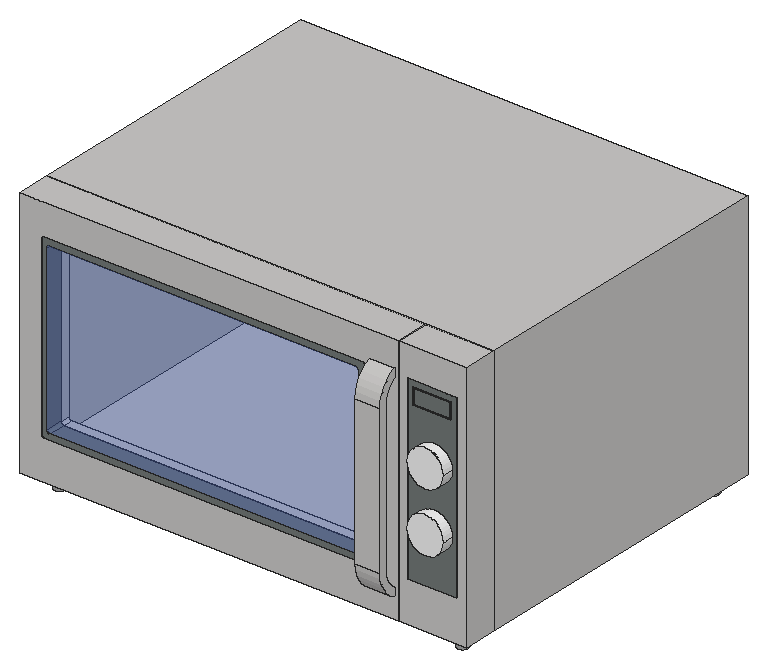
Revit family "QF_Vollrath_40830", category Specialty Equipment, Revit 2016
Family settings
  Part Type = Normal
  Round Connector Dimension = Use Diameter
  OmniClass Number = 23.40.40.11.21
  OmniClass Title = Hot Cabinets
  Work Plane-Based = No
  Always vertical = Yes
  Cut with Voids When Loaded = No
  Shared = No
  Room Calculation Point = No
Parameters (values of type "--")
  Weight in Pounds = 46.1
  Watts = 1450 W
  Watermarked By = "http://revitwatermark.com"
  Volts = 120 V
  URL Cutsheet = ""
  URL = "www.vollrathco.com"
  Status [instance] = ""
  Specification by User [instance] = ""
  Specification by Manufacturer = ""
  Serial Number [instance] = ""
  Seismic Rating [instance] = ""
  SMACNA No [instance] = ""
  Revision Code [instance] = ""
  Phase = 1
  Number of Poles [instance] = 1
  NAFEM Spec ID Number [instance] = ""
  Model = "40830"
  Masterspec = ""
  Manufacturer = "Vollrath"
  Item Number [instance] = ""
  Installed By [instance] = ""
  Height AFF [instance] = 22.31"
  Furnished By [instance] = ""
  Foodservice Equipment Identifier [instance] = yes
  FL Amps = 12 A
  Electrical Remarks [instance] = ""
  Electric Connection Type [instance] = ""
  Elec Conn RI Height [instance] = 0.00"
  Elec Conn Connection Height = 2.00"
  Description = "Microwave Oven"
  Cycle = 60 Hz
  Conn Plug = "NEMA 5-20P"
  CSI MasterFormat = "11 42 13"
  Assembly Code = "E1090320"
  Apparent Power = if(Phase = 3, Volts * FL Amps * 1.73, Volts * FL Amps)  # 1440 VA
Reference planes (in)
  plane 1: z = 0
  plane 2 "LEFT": x = 48
  plane 3 "BACK": y = -48.92301
  plane 4 "BOTTOM": z = 22.31
  plane 5 "FRONT": y = -67.04801
  plane 6: z = 26.5796
  plane 7 "TOP": z = 34.56
  plane 8 "RIGHT": x = 68.5
  plane 9: z = 23.06
  plane 10: x = 49
  plane 11: y = -50.765
  plane 12: x = 67.5
  plane 13: y = -50.04801
  plane 14: z = 31.56
  plane 15: z = 25.31
Forms (in)
  Extrusion 1, solid, material "QF_Finishes_Stainless Steel", not visible
    sketch origin (0, -75.61667, 13.94238) x (-1, 0, 0) y (0, 0.422618, 0.906308)
      loop
        line (-61.50401, 16.83949) -> (-49.55058, 16.83949) -> (-49.55058, 21.54291) -> (-61.50401, 21.54291) -> (-61.50401, 16.83949)
      loop
        circle (-51.11798, 19.07879) r 1.25
      loop
        circle (-51.11798, 19.07879) r 1
      loop
        line (-54.03077, 21.06689) -> (-57.03077, 21.06689) -> (-57.03077, 20.31689) -> (-54.03077, 20.31689) -> (-54.03077, 21.06689)
      loop
        circle (-54.03077, 17.5068) r 0.25
      loop
        circle (-56.78077, 17.5068) r 0.25
    from 0 to 0.68909
  Extrusion 2, solid, material "QF_Finishes_Black", not visible
    sketch origin (0, -75.54289, 2.05167) x (-1, 0, 0) y (0, 0.422618, 0.906308)
      loop
        circle (-51.11798, 29.82425) r 1.25
      loop
        circle (-51.11798, 29.82425) r 1
    from -5.0921 to -4.40301
  Extrusion 3, solid, material "QF_Finishes_Black", not visible
    sketch origin (0, -75.78725, 14.03463) x (-1, 0, 0) y (0, 0.406737, 0.913545)
      loop
        line (-57.03077, 21.03676) -> (-57.03077, 20.35703) -> (-54.03077, 20.35703) -> (-54.03077, 21.03676) -> (-57.03077, 21.03676)
      loop
        circle (-54.03077, 17.5068) r 0.25
      loop
        circle (-56.78077, 17.5068) r 0.25
    from 0.54411 to 1.25
  Extrusion 4, solid, material "QF_Finishes_Dark Grey", not visible
    sketch origin (0, -70.09177, 5.66795) x (-1, 0, 0) y (0, 0.422618, 0.906308)
      loop
        circle (-52.11896, 26.29929) r 0.25
      loop
        circle (-53.36896, 26.29929) r 0.25
      loop
        circle (-54.61896, 26.29929) r 0.25
      loop
        circle (-55.86896, 26.29929) r 0.25
      loop
        circle (-57.11896, 26.29929) r 0.25
      loop
        circle (-58.36896, 26.29929) r 0.25
    from 7.45399 to 7.92109
  Extrusion 5, solid, material "QF_Finishes_Stainless Steel", not visible
    sketch origin (0, -61.5, 0) x (-1, 0, 0) y (0, 0, 1)
      loop
        circle (-49.14244, 32.63817) r 0.1236
    from 0 to 12
  Extrusion 6, solid, material "QF_Finishes_Stainless Steel", not visible
    sketch origin (24.25, -61.5, 0) x (-1, 0, 0) y (0, 0, 1)
      loop
        circle (-49.14244, 32.63817) r 0.1236
    from 0 to 12
  Extrusion 7, solid, material "QF_Finishes_Stainless Steel", not visible
    sketch origin (0.75781, -61.5, 0) x (-1, 0, 0) y (0, 0, 1)
      loop
        circle (-49.14244, 32.63817) r 0.1236
    from 0 to 12
  Extrusion 8, solid, material "QF_Finishes_Stainless Steel", not visible
    sketch origin (1.51562, -61.5, 0) x (-1, 0, 0) y (0, 0, 1)
      loop
        circle (-49.14244, 32.63817) r 0.1236
    from 0 to 12
  Extrusion 9, solid, material "QF_Finishes_Stainless Steel", not visible
    sketch origin (2.27344, -61.5, 0) x (-1, 0, 0) y (0, 0, 1)
      loop
        circle (-49.14244, 32.63817) r 0.1236
    from 0 to 12
  Extrusion 10, solid, material "QF_Finishes_Stainless Steel", not visible
    sketch origin (3.03125, -61.5, 0) x (-1, 0, 0) y (0, 0, 1)
      loop
        circle (-49.14244, 32.63817) r 0.1236
    from 0 to 12
  Extrusion 11, solid, material "QF_Finishes_Stainless Steel", not visible
    sketch origin (3.78906, -61.5, 0) x (-1, 0, 0) y (0, 0, 1)
      loop
        circle (-49.14244, 32.63817) r 0.1236
    from 0 to 12
  Extrusion 12, solid, material "QF_Finishes_Stainless Steel", not visible
    sketch origin (4.54687, -61.5, 0) x (-1, 0, 0) y (0, 0, 1)
      loop
        circle (-49.14244, 32.63817) r 0.1236
    from 0 to 12
  Extrusion 13, solid, material "QF_Finishes_Stainless Steel", not visible
    sketch origin (5.30469, -61.5, 0) x (-1, 0, 0) y (0, 0, 1)
      loop
        circle (-49.14244, 32.63817) r 0.1236
    from 0 to 12
  Extrusion 14, solid, material "QF_Finishes_Stainless Steel", not visible
    sketch origin (6.0625, -61.5, 0) x (-1, 0, 0) y (0, 0, 1)
      loop
        circle (-49.14244, 32.63817) r 0.1236
    from 0 to 12
  Extrusion 15, solid, material "QF_Finishes_Stainless Steel", not visible
    sketch origin (6.82031, -61.5, 0) x (-1, 0, 0) y (0, 0, 1)
      loop
        circle (-49.14244, 32.63817) r 0.1236
    from 0 to 12
  Extrusion 16, solid, material "QF_Finishes_Stainless Steel", not visible
    sketch origin (7.57812, -61.5, 0) x (-1, 0, 0) y (0, 0, 1)
      loop
        circle (-49.14244, 32.63817) r 0.1236
    from 0 to 12
  Extrusion 17, solid, material "QF_Finishes_Stainless Steel", not visible
    sketch origin (8.33594, -61.5, 0) x (-1, 0, 0) y (0, 0, 1)
      loop
        circle (-49.14244, 32.63817) r 0.1236
    from 0 to 12
  Extrusion 18, solid, material "QF_Finishes_Stainless Steel", not visible
    sketch origin (9.09375, -61.5, 0) x (-1, 0, 0) y (0, 0, 1)
      loop
        circle (-49.14244, 32.63817) r 0.1236
    from 0 to 12
  Extrusion 19, solid, material "QF_Finishes_Stainless Steel", not visible
    sketch origin (9.85156, -61.5, 0) x (-1, 0, 0) y (0, 0, 1)
      loop
        circle (-49.14244, 32.63817) r 0.1236
    from 0 to 12
  Extrusion 20, solid, material "QF_Finishes_Stainless Steel", not visible
    sketch origin (10.60937, -61.5, 0) x (-1, 0, 0) y (0, 0, 1)
      loop
        circle (-49.14244, 32.63817) r 0.1236
    from 0 to 12
  Extrusion 21, solid, material "QF_Finishes_Stainless Steel", not visible
    sketch origin (11.36719, -61.5, 0) x (-1, 0, 0) y (0, 0, 1)
      loop
        circle (-49.14244, 32.63817) r 0.1236
    from 0 to 12
  Extrusion 22, solid, material "QF_Finishes_Stainless Steel", not visible
    sketch origin (12.125, -61.5, 0) x (-1, 0, 0) y (0, 0, 1)
      loop
        circle (-49.14244, 32.63817) r 0.1236
    from 0 to 12
  Extrusion 23, solid, material "QF_Finishes_Stainless Steel", not visible
    sketch origin (12.88281, -61.5, 0) x (-1, 0, 0) y (0, 0, 1)
      loop
        circle (-49.14244, 32.63817) r 0.1236
    from 0 to 12
  Extrusion 24, solid, material "QF_Finishes_Stainless Steel", not visible
    sketch origin (13.64062, -61.5, 0) x (-1, 0, 0) y (0, 0, 1)
      loop
        circle (-49.14244, 32.63817) r 0.1236
    from 0 to 12
  Extrusion 25, solid, material "QF_Finishes_Stainless Steel", not visible
    sketch origin (14.39844, -61.5, 0) x (-1, 0, 0) y (0, 0, 1)
      loop
        circle (-49.14244, 32.63817) r 0.1236
    from 0 to 12
  Extrusion 26, solid, material "QF_Finishes_Stainless Steel", not visible
    sketch origin (15.15625, -61.5, 0) x (-1, 0, 0) y (0, 0, 1)
      loop
        circle (-49.14244, 32.63817) r 0.1236
    from 0 to 12
  Extrusion 27, solid, material "QF_Finishes_Stainless Steel", not visible
    sketch origin (15.91406, -61.5, 0) x (-1, 0, 0) y (0, 0, 1)
      loop
        circle (-49.14244, 32.63817) r 0.1236
    from 0 to 12
  Extrusion 28, solid, material "QF_Finishes_Stainless Steel", not visible
    sketch origin (16.67187, -61.5, 0) x (-1, 0, 0) y (0, 0, 1)
      loop
        circle (-49.14244, 32.63817) r 0.1236
    from 0 to 12
  Extrusion 29, solid, material "QF_Finishes_Stainless Steel", not visible
    sketch origin (17.42969, -61.5, 0) x (-1, 0, 0) y (0, 0, 1)
      loop
        circle (-49.14244, 32.63817) r 0.1236
    from 0 to 12
  Extrusion 30, solid, material "QF_Finishes_Stainless Steel", not visible
    sketch origin (18.1875, -61.5, 0) x (-1, 0, 0) y (0, 0, 1)
      loop
        circle (-49.14244, 32.63817) r 0.1236
    from 0 to 12
  Extrusion 31, solid, material "QF_Finishes_Stainless Steel", not visible
    sketch origin (18.94531, -61.5, 0) x (-1, 0, 0) y (0, 0, 1)
      loop
        circle (-49.14244, 32.63817) r 0.1236
    from 0 to 12
  Extrusion 32, solid, material "QF_Finishes_Stainless Steel", not visible
    sketch origin (19.70312, -61.5, 0) x (-1, 0, 0) y (0, 0, 1)
      loop
        circle (-49.14244, 32.63817) r 0.1236
    from 0 to 12
  Extrusion 33, solid, material "QF_Finishes_Stainless Steel", not visible
    sketch origin (20.46094, -61.5, 0) x (-1, 0, 0) y (0, 0, 1)
      loop
        circle (-49.14244, 32.63817) r 0.1236
    from 0 to 12
  Extrusion 34, solid, material "QF_Finishes_Stainless Steel", not visible
    sketch origin (21.21875, -61.5, 0) x (-1, 0, 0) y (0, 0, 1)
      loop
        circle (-49.14244, 32.63817) r 0.1236
    from 0 to 12
  Extrusion 35, solid, material "QF_Finishes_Stainless Steel", not visible
    sketch origin (21.97656, -61.5, 0) x (-1, 0, 0) y (0, 0, 1)
      loop
        circle (-49.14244, 32.63817) r 0.1236
    from 0 to 12
  Extrusion 36, solid, material "QF_Finishes_Stainless Steel", not visible
    sketch origin (22.73437, -61.5, 0) x (-1, 0, 0) y (0, 0, 1)
      loop
        circle (-49.14244, 32.63817) r 0.1236
    from 0 to 12
  Extrusion 37, solid, material "QF_Finishes_Stainless Steel", not visible
    sketch origin (23.49219, -61.5, 0) x (-1, 0, 0) y (0, 0, 1)
      loop
        circle (-49.14244, 32.63817) r 0.1236
    from 0 to 12
  Extrusion 38, solid, material "QF_Finishes_Stainless Steel", not visible
    sketch origin (0, -63.31853, -5.50809) x (1, 0, 0) y (0, 0.5, 0.866025)
      loop
        line (51.72615, 27.93) -> (51.72615, 25.68) -> (67.6666, 25.68) -> (67.6666, 27.93) -> (51.72615, 27.93)
      loop
        line (51.91648, 27.77623) -> (51.91648, 25.78901) -> (67.52615, 25.78901) -> (67.52615, 27.77623) -> (51.91648, 27.77623)
    from 18.14569 to 18.5
  Extrusion 39, solid, material "QF_Finishes_Stainless Steel", not visible
    sketch origin (3, -63.31853, -5.50809) x (1, 0, 0) y (0, 0.5, 0.866025)
      loop
        line (55.07331, 27.05441) -> (55.07331, 26.55441) -> (56.82331, 26.55441) -> (56.82331, 27.05441) -> (55.07331, 27.05441)
      loop
        circle (53.94695, 26.80981) r 0.25
      loop
        circle (57.87771, 26.79276) r 0.25
      loop
        circle (59.12771, 26.79276) r 0.25
    from 18.14569 to 18.5
  Extrusion 40, solid, material "QF_Finishes_Stainless Steel", not visible
    sketch origin (0, -63.31853, -5.50809) x (1, 0, 0) y (0, 0.5, 0.866025)
      loop
        circle (56.94695, 26.80981) r 0.25
      loop
        circle (60.87771, 26.79276) r 0.25
      loop
        line (58.07331, 27.05441) -> (58.07331, 26.55441) -> (59.82331, 26.55441) -> (59.82331, 27.05441) -> (58.07331, 27.05441)
      loop
        circle (62.12771, 26.79276) r 0.25
      loop
        circle (55.86833, 26.79276) r 0.25
      loop
        circle (63.11833, 26.79276) r 0.25
      loop
        circle (64.36833, 26.79276) r 0.25
      loop
        circle (66.09352, 26.79672) r 0.5
    from 18.14569 to 18.5
  Extrusion 41, solid, material "QF_Finishes_Stainless Steel", not visible
    sketch origin (0, -64.56679, 3.83166) x (1, 0, 0) y (0, 0.5, 0.866025)
      loop
        circle (49.3871, 17.97648) r 0.5
      loop
        circle (50.73528, 17.50291) r 0.16823
      loop
        circle (51.48528, 17.50291) r 0.16823
      loop
        circle (51.48528, 18.10865) r 0.16823
      loop
        circle (52.23528, 18.10865) r 0.16823
      loop
        circle (52.23528, 17.50291) r 0.16823
      loop
        circle (52.98528, 17.50291) r 0.16823
      loop
        circle (52.98528, 18.10865) r 0.16823
      loop
        circle (53.73528, 18.10865) r 0.16823
      loop
        circle (53.73528, 17.50291) r 0.16823
      loop
        circle (54.48528, 17.50291) r 0.16823
      loop
        circle (54.48528, 18.10865) r 0.16823
      loop
        circle (55.34478, 18.10865) r 0.16823
      loop
        circle (55.34478, 17.50291) r 0.16823
      loop
        circle (56.09478, 18.10865) r 0.16823
      loop
        circle (56.09478, 17.50291) r 0.16823
      loop
        line (58.53358, 18.32013) -> (56.86818, 18.32013) -> (56.86818, 17.57013) -> (58.53358, 17.57013) -> (58.53358, 18.32013)
      loop
        circle (59.72315, 17.97648) r 0.5
      loop
        circle (50.73528, 18.10865) r 0.16823
    from 11.61014 to 12
  Extrusion 42, solid, material "QF_Finishes_Grey", not visible
    sketch origin (0, -64.56679, 3.83166) x (1, 0, 0) y (0, 0.5, 0.866025)
      loop
        line (48.14465, 18.87526) -> (48.14465, 16.91908) -> (60.97678, 16.91908) -> (60.97678, 18.87526) -> (48.14465, 18.87526)
      loop
        circle (49.3871, 17.97648) r 0.5
      loop
        circle (50.73528, 18.10865) r 0.16823
      loop
        circle (50.73528, 17.50291) r 0.16823
      loop
        circle (51.48528, 18.10865) r 0.16823
      loop
        circle (51.48528, 17.50291) r 0.16823
      loop
        circle (52.23528, 18.10865) r 0.16823
      loop
        circle (52.23528, 17.50291) r 0.16823
      loop
        circle (52.98528, 18.10865) r 0.16823
      loop
        circle (52.98528, 17.50291) r 0.16823
      loop
        circle (53.73528, 18.10865) r 0.16823
      loop
        circle (53.73528, 17.50291) r 0.16823
      loop
        circle (54.48528, 18.10865) r 0.16823
      loop
        circle (54.48528, 17.50291) r 0.16823
      loop
        circle (55.34478, 18.10865) r 0.16823
      loop
        circle (55.34478, 17.50291) r 0.16823
      loop
        circle (56.09478, 18.10865) r 0.16823
      loop
        circle (56.09478, 17.50291) r 0.16823
      loop
        line (56.86818, 18.32013) -> (56.86818, 17.57013) -> (58.53358, 17.57013) -> (58.53358, 18.32013) -> (56.86818, 18.32013)
      loop
        circle (59.72315, 17.97648) r 0.5
    from 11.61014 to 12
  Extrusion 43, solid, material "QF_Finishes_Stainless Steel", not visible
    sketch origin (0, -64.56679, 3.83166) x (1, 0, 0) y (0, 0.5, 0.866025)
      loop
        circle (49.3871, 17.97648) r 0.5
      loop
        circle (50.73528, 17.50291) r 0.16823
      loop
        circle (51.48528, 17.50291) r 0.16823
      loop
        circle (51.48528, 18.10865) r 0.16823
      loop
        circle (52.23528, 18.10865) r 0.16823
      loop
        circle (52.23528, 17.50291) r 0.16823
      loop
        circle (52.98528, 17.50291) r 0.16823
      loop
        circle (52.98528, 18.10865) r 0.16823
      loop
        circle (53.73528, 18.10865) r 0.16823
      loop
        circle (53.73528, 17.50291) r 0.16823
      loop
        circle (54.48528, 17.50291) r 0.16823
      loop
        circle (54.48528, 18.10865) r 0.16823
      loop
        circle (55.34478, 18.10865) r 0.16823
      loop
        circle (55.34478, 17.50291) r 0.16823
      loop
        circle (56.09478, 18.10865) r 0.16823
      loop
        circle (56.09478, 17.50291) r 0.16823
      loop
        line (58.53358, 18.32013) -> (56.86818, 18.32013) -> (56.86818, 17.57013) -> (58.53358, 17.57013) -> (58.53358, 18.32013)
      loop
        circle (59.72315, 17.97648) r 0.5
      loop
        circle (50.73528, 18.10865) r 0.16823
    from 11.61014 to 12
  Extrusion 44, solid, material "QF_Finishes_Grey", not visible
    sketch origin (0, -64.56679, 3.83166) x (1, 0, 0) y (0, 0.5, 0.866025)
      loop
        line (48.14465, 18.66908) -> (48.14465, 17.06023) -> (60.97678, 17.06023) -> (60.97678, 18.66908) -> (48.14465, 18.66908)
      loop
        circle (49.3871, 17.97648) r 0.5
      loop
        circle (50.73528, 18.10865) r 0.16823
      loop
        circle (50.73528, 17.50291) r 0.16823
      loop
        circle (51.48528, 18.10865) r 0.16823
      loop
        circle (51.48528, 17.50291) r 0.16823
      loop
        circle (52.23528, 18.10865) r 0.16823
      loop
        circle (52.23528, 17.50291) r 0.16823
      loop
        circle (52.98528, 18.10865) r 0.16823
      loop
        circle (52.98528, 17.50291) r 0.16823
      loop
        circle (53.73528, 18.10865) r 0.16823
      loop
        circle (53.73528, 17.50291) r 0.16823
      loop
        circle (54.48528, 18.10865) r 0.16823
      loop
        circle (54.48528, 17.50291) r 0.16823
      loop
        circle (55.34478, 18.10865) r 0.16823
      loop
        circle (55.34478, 17.50291) r 0.16823
      loop
        circle (56.09478, 18.10865) r 0.16823
      loop
        circle (56.09478, 17.50291) r 0.16823
      loop
        line (56.86818, 18.32013) -> (56.86818, 17.57013) -> (58.53358, 17.57013) -> (58.53358, 18.32013) -> (56.86818, 18.32013)
      loop
        circle (59.72315, 17.97648) r 0.5
    from 11.61014 to 12
  Extrusion 45, solid, material "QF_Finishes_Stainless Steel", not visible
    sketch origin (0, -64.9632, 3.81536) x (1, 0, 0) y (0, 0.515038, 0.857167)
      loop
        circle (49.3871, 17.97648) r 0.5
      loop
        circle (50.73528, 17.50291) r 0.16823
      loop
        circle (51.48528, 17.50291) r 0.16823
      loop
        circle (51.48528, 18.10865) r 0.16823
      loop
        circle (52.23528, 18.10865) r 0.16823
      loop
        circle (52.23528, 17.50291) r 0.16823
      loop
        circle (52.98528, 17.50291) r 0.16823
      loop
        circle (52.98528, 18.10865) r 0.16823
      loop
        circle (53.73528, 18.10865) r 0.16823
      loop
        circle (53.73528, 17.50291) r 0.16823
      loop
        circle (54.48528, 17.50291) r 0.16823
      loop
        circle (54.48528, 18.10865) r 0.16823
      loop
        circle (55.34478, 18.10865) r 0.16823
      loop
        circle (55.34478, 17.50291) r 0.16823
      loop
        circle (56.09478, 18.10865) r 0.16823
      loop
        circle (56.09478, 17.50291) r 0.16823
      loop
        line (58.53358, 18.32013) -> (56.86818, 18.32013) -> (56.86818, 17.57013) -> (58.53358, 17.57013) -> (58.53358, 18.32013)
      loop
        circle (59.72315, 17.97648) r 0.5
      loop
        circle (50.73528, 18.10865) r 0.16823
    from 11.61014 to 12
  Extrusion 46, solid, material "QF_Finishes_Grey", not visible
    sketch origin (0, -64.9632, 3.81536) x (1, 0, 0) y (0, 0.515038, 0.857167)
      loop
        line (48.14465, 18.66908) -> (48.14465, 17.06023) -> (60.97678, 17.06023) -> (60.97678, 18.66908) -> (48.14465, 18.66908)
      loop
        circle (49.3871, 17.97648) r 0.5
      loop
        circle (50.73528, 18.10865) r 0.16823
      loop
        circle (50.73528, 17.50291) r 0.16823
      loop
        circle (51.48528, 18.10865) r 0.16823
      loop
        circle (51.48528, 17.50291) r 0.16823
      loop
        circle (52.23528, 18.10865) r 0.16823
      loop
        circle (52.23528, 17.50291) r 0.16823
      loop
        circle (52.98528, 18.10865) r 0.16823
      loop
        circle (52.98528, 17.50291) r 0.16823
      loop
        circle (53.73528, 18.10865) r 0.16823
      loop
        circle (53.73528, 17.50291) r 0.16823
      loop
        circle (54.48528, 18.10865) r 0.16823
      loop
        circle (54.48528, 17.50291) r 0.16823
      loop
        circle (55.34478, 18.10865) r 0.16823
      loop
        circle (55.34478, 17.50291) r 0.16823
      loop
        circle (56.09478, 18.10865) r 0.16823
      loop
        circle (56.09478, 17.50291) r 0.16823
      loop
        line (56.86818, 18.32013) -> (56.86818, 17.57013) -> (58.53358, 17.57013) -> (58.53358, 18.32013) -> (56.86818, 18.32013)
      loop
        circle (59.72315, 17.97648) r 0.5
    from 11.61014 to 12
  Extrusion 47, solid, material "QF_Finishes_Stainless Steel", not visible
    sketch origin (0, -58.85409, -8.41937) x (1, 0, 0) y (0, 0.515038, 0.857167)
      loop
        line (48.14465, 26.00986) -> (48.14465, 24.40101) -> (60.97678, 24.40101) -> (60.97678, 26.00986) -> (48.14465, 26.00986)
      loop
        line (48, 26.16341) -> (48, 24.28924) -> (61.125, 24.28924) -> (61.125, 26.16341) -> (48, 26.16341)
    from 23.14803 to 23.53789
  Extrusion 48, solid, material "QF_Finishes_Stainless Steel", not visible
    sketch origin (0, -64.56679, 3.83166) x (1, 0, 0) y (0, 0.5, 0.866025)
      loop
        circle (49.3871, 17.97648) r 0.5
      loop
        circle (50.73528, 17.50291) r 0.16823
      loop
        circle (51.48528, 17.50291) r 0.16823
      loop
        circle (51.48528, 18.10865) r 0.16823
      loop
        circle (52.23528, 18.10865) r 0.16823
      loop
        circle (52.23528, 17.50291) r 0.16823
      loop
        circle (52.98528, 17.50291) r 0.16823
      loop
        circle (52.98528, 18.10865) r 0.16823
      loop
        circle (53.73528, 18.10865) r 0.16823
      loop
        circle (53.73528, 17.50291) r 0.16823
      loop
        circle (54.48528, 17.50291) r 0.16823
      loop
        circle (54.48528, 18.10865) r 0.16823
      loop
        circle (55.34478, 18.10865) r 0.16823
      loop
        circle (55.34478, 17.50291) r 0.16823
      loop
        circle (56.09478, 18.10865) r 0.16823
      loop
        circle (56.09478, 17.50291) r 0.16823
      loop
        line (58.53358, 18.32013) -> (56.86818, 18.32013) -> (56.86818, 17.57013) -> (58.53358, 17.57013) -> (58.53358, 18.32013)
      loop
        circle (59.72315, 17.97648) r 0.5
      loop
        circle (50.73528, 18.10865) r 0.16823
    from 11.61014 to 12
  Extrusion 49, solid, material "QF_Finishes_Grey", not visible
    sketch origin (0, -64.56679, 3.83166) x (1, 0, 0) y (0, 0.5, 0.866025)
      loop
        line (48.14465, 18.66908) -> (48.14465, 17.06023) -> (60.97678, 17.06023) -> (60.97678, 18.66908) -> (48.14465, 18.66908)
      loop
        circle (49.3871, 17.97648) r 0.5
      loop
        circle (50.73528, 18.10865) r 0.16823
      loop
        circle (50.73528, 17.50291) r 0.16823
      loop
        circle (51.48528, 18.10865) r 0.16823
      loop
        circle (51.48528, 17.50291) r 0.16823
      loop
        circle (52.23528, 18.10865) r 0.16823
      loop
        circle (52.23528, 17.50291) r 0.16823
      loop
        circle (52.98528, 18.10865) r 0.16823
      loop
        circle (52.98528, 17.50291) r 0.16823
      loop
        circle (53.73528, 18.10865) r 0.16823
      loop
        circle (53.73528, 17.50291) r 0.16823
      loop
        circle (54.48528, 18.10865) r 0.16823
      loop
        circle (54.48528, 17.50291) r 0.16823
      loop
        circle (55.34478, 18.10865) r 0.16823
      loop
        circle (55.34478, 17.50291) r 0.16823
      loop
        circle (56.09478, 18.10865) r 0.16823
      loop
        circle (56.09478, 17.50291) r 0.16823
      loop
        line (56.86818, 18.32013) -> (56.86818, 17.57013) -> (58.53358, 17.57013) -> (58.53358, 18.32013) -> (56.86818, 18.32013)
      loop
        circle (59.72315, 17.97648) r 0.5
    from 11.61014 to 12
  Extrusion 50, solid, material "QF_Finishes_Stainless Steel", not visible
    sketch origin (0, -64.9632, 3.81536) x (1, 0, 0) y (0, 0.515038, 0.857167)
      loop
        circle (49.3871, 17.97648) r 0.5
      loop
        circle (50.73528, 17.50291) r 0.16823
      loop
        circle (51.48528, 17.50291) r 0.16823
      loop
        circle (51.48528, 18.10865) r 0.16823
      loop
        circle (52.23528, 18.10865) r 0.16823
      loop
        circle (52.23528, 17.50291) r 0.16823
      loop
        circle (52.98528, 17.50291) r 0.16823
      loop
        circle (52.98528, 18.10865) r 0.16823
      loop
        circle (53.73528, 18.10865) r 0.16823
      loop
        circle (53.73528, 17.50291) r 0.16823
      loop
        circle (54.48528, 17.50291) r 0.16823
      loop
        circle (54.48528, 18.10865) r 0.16823
      loop
        circle (55.34478, 18.10865) r 0.16823
      loop
        circle (55.34478, 17.50291) r 0.16823
      loop
        circle (56.09478, 18.10865) r 0.16823
      loop
        circle (56.09478, 17.50291) r 0.16823
      loop
        line (58.53358, 18.32013) -> (56.86818, 18.32013) -> (56.86818, 17.57013) -> (58.53358, 17.57013) -> (58.53358, 18.32013)
      loop
        circle (59.72315, 17.97648) r 0.5
      loop
        circle (50.73528, 18.10865) r 0.16823
    from 11.61014 to 12
  Extrusion 51, solid, material "QF_Finishes_Grey", not visible
    sketch origin (0, -64.9632, 3.81536) x (1, 0, 0) y (0, 0.515038, 0.857167)
      loop
        line (48.14465, 18.66908) -> (48.14465, 17.06023) -> (60.97678, 17.06023) -> (60.97678, 18.66908) -> (48.14465, 18.66908)
      loop
        circle (49.3871, 17.97648) r 0.5
      loop
        circle (50.73528, 18.10865) r 0.16823
      loop
        circle (50.73528, 17.50291) r 0.16823
      loop
        circle (51.48528, 18.10865) r 0.16823
      loop
        circle (51.48528, 17.50291) r 0.16823
      loop
        circle (52.23528, 18.10865) r 0.16823
      loop
        circle (52.23528, 17.50291) r 0.16823
      loop
        circle (52.98528, 18.10865) r 0.16823
      loop
        circle (52.98528, 17.50291) r 0.16823
      loop
        circle (53.73528, 18.10865) r 0.16823
      loop
        circle (53.73528, 17.50291) r 0.16823
      loop
        circle (54.48528, 18.10865) r 0.16823
      loop
        circle (54.48528, 17.50291) r 0.16823
      loop
        circle (55.34478, 18.10865) r 0.16823
      loop
        circle (55.34478, 17.50291) r 0.16823
      loop
        circle (56.09478, 18.10865) r 0.16823
      loop
        circle (56.09478, 17.50291) r 0.16823
      loop
        line (56.86818, 18.32013) -> (56.86818, 17.57013) -> (58.53358, 17.57013) -> (58.53358, 18.32013) -> (56.86818, 18.32013)
      loop
        circle (59.72315, 17.97648) r 0.5
    from 11.61014 to 12
  Extrusion 52, solid, material "QF_Finishes_Stainless Steel", not visible
    sketch origin (0, -58.85409, -8.41937) x (1, 0, 0) y (0, 0.515038, 0.857167)
      loop
        line (48.14465, 26.00986) -> (48.14465, 24.40101) -> (60.97678, 24.40101) -> (60.97678, 26.00986) -> (48.14465, 26.00986)
      loop
        line (48, 26.21304) -> (48, 24.28924) -> (61.125, 24.28924) -> (61.125, 26.21304) -> (48, 26.21304)
    from 23.14803 to 23.53789
  Extrusion 53, solid, material "QF_Finishes_Stainless Steel"
    sketch origin (0, -48.92301, 0) x (1, 0, 0) y (0, 0, 1)
      loop
        line (48, 34.56) -> (48, 23.06) -> (68.5, 23.06) -> (68.5, 34.56) -> (48, 34.56)
      loop
        line (48.72738, 33.70357) -> (48.72738, 24.20357) -> (65.37345, 24.20357) -> (65.37345, 33.70357) -> (48.72738, 33.70357)
    from 1.84199 to 15.69181
  Extrusion 54, solid, material "QF_Finishes_Stainless Steel"
    sketch origin (0, -48.92301, 0) x (1, 0, 0) y (0, 0, 1)
      loop
        line (48, 34.56) -> (48, 23.06) -> (68.5, 23.06) -> (68.5, 34.56) -> (48, 34.56)
    from 1.84199 to 1.125
  Extrusion 55, solid, material "QF_Finishes_Stainless Steel"
    sketch origin (0, -48.92301, 0) x (1, 0, 0) y (0, 0, 1)
      loop
        line (48, 34.56) -> (48, 23.06) -> (65.37345, 23.06) -> (65.37345, 34.56) -> (48, 34.56)
      loop
        arc (49.12048, 33.12102) -> (49.02855, 33.08295) -> (48.99048, 32.99102) r 0.13
        line (48.99048, 32.99102) -> (48.99048, 25.00102)
        arc (48.99048, 25.00102) -> (49.02855, 24.9091) -> (49.12048, 24.87102) r 0.13
        line (49.12048, 24.87102) -> (63.75055, 24.87102)
        arc (63.75055, 24.87102) -> (63.84247, 24.9091) -> (63.88055, 25.00102) r 0.13
        line (63.88055, 25.00102) -> (63.88055, 32.99102)
        arc (63.88055, 32.99102) -> (63.84247, 33.08295) -> (63.75055, 33.12102) r 0.13
        line (63.75055, 33.12102) -> (49.12048, 33.12102)
    from 15.69181 to 17.26545
  Extrusion 56, solid, material "QF_Finishes_Stainless Steel"
    sketch origin (0, -48.92301, 0) x (1, 0, 0) y (0, 0, 1)
      loop
        line (65.37345, 34.56) -> (65.37345, 23.06) -> (68.5, 23.06) -> (68.5, 34.56) -> (65.37345, 34.56)
      loop
        line (65.81251, 33.18376) -> (65.81251, 24.93376) -> (68.06251, 24.93376) -> (68.06251, 33.18376) -> (65.81251, 33.18376)
    from 15.69181 to 17.26545
  Extrusion 57, solid, material "QF_Finishes_Black"
    sketch origin (0, -48.92301, 0) x (1, 0, 0) y (0, 0, 1)
      loop
        line (48.99048, 32.99102) -> (48.99048, 25.00102)
        arc (48.99048, 25.00102) -> (49.02855, 24.9091) -> (49.12048, 24.87102) r 0.13
        line (49.12048, 24.87102) -> (63.75055, 24.87102)
        arc (63.75055, 24.87102) -> (63.84247, 24.9091) -> (63.88055, 25.00102) r 0.13
        line (63.88055, 25.00102) -> (63.88055, 32.99102)
        arc (63.88055, 32.99102) -> (63.84247, 33.08295) -> (63.75055, 33.12102) r 0.13
        line (63.75055, 33.12102) -> (49.12048, 33.12102)
        arc (49.12048, 33.12102) -> (49.02855, 33.08295) -> (48.99048, 32.99102) r 0.13
      loop
        arc (49.24048, 25.25102) -> (49.27855, 25.1591) -> (49.37048, 25.12102) r 0.13
        line (49.37048, 25.12102) -> (63.41322, 25.12102)
        arc (63.41322, 25.12102) -> (63.50514, 25.1591) -> (63.54322, 25.25102) r 0.13
        line (63.54322, 25.25102) -> (63.54322, 32.74102)
        arc (63.54322, 32.74102) -> (63.50514, 32.83295) -> (63.41322, 32.87102) r 0.13
        line (63.41322, 32.87102) -> (49.37048, 32.87102)
        arc (49.37048, 32.87102) -> (49.27855, 32.83295) -> (49.24048, 32.74102) r 0.13
        line (49.24048, 32.74102) -> (49.24048, 25.25102)
    from 16.48195 to 17.26545
  Extrusion 58, solid, material "QF_Finishes_Glass"
    sketch origin (0, -48.92301, 0) x (1, 0, 0) y (0, 0, 1)
      loop
        line (49.24048, 32.74102) -> (49.24048, 25.25102)
        arc (49.24048, 25.25102) -> (49.27855, 25.1591) -> (49.37048, 25.12102) r 0.13
        line (49.37048, 25.12102) -> (63.41322, 25.12102)
        arc (63.41322, 25.12102) -> (63.50514, 25.1591) -> (63.54322, 25.25102) r 0.13
        line (63.54322, 25.25102) -> (63.54322, 32.74102)
        arc (63.54322, 32.74102) -> (63.50514, 32.83295) -> (63.41322, 32.87102) r 0.13
        line (63.41322, 32.87102) -> (49.37048, 32.87102)
        arc (49.37048, 32.87102) -> (49.27855, 32.83295) -> (49.24048, 32.74102) r 0.13
    from 16.48195 to 17.26545
  Extrusion 59, solid, material "QF_Finishes_Grey"
    sketch origin (0, 0, 0) x (1, 0, 0) y (0, 1, 0)
      loop
        circle (49, -50.765) r 0.25
    from 22.31 to 23.06
  Extrusion 60, solid, material "QF_Finishes_Grey"
    sketch origin (18.5, 0, 0) x (1, 0, 0) y (0, 1, 0)
      loop
        circle (49, -50.765) r 0.25
    from 22.31 to 23.06
  Extrusion 61, solid, material "QF_Finishes_Grey"
    sketch origin (18.5, -14.375, 0) x (1, 0, 0) y (0, 1, 0)
      loop
        circle (49, -50.765) r 0.25
    from 22.31 to 23.06
  Extrusion 62, solid, material "QF_Finishes_Grey"
    sketch origin (-0.00952, -14.375, 0) x (1, 0, 0) y (0, 1, 0)
      loop
        circle (49, -50.765) r 0.25
    from 22.31 to 23.06
  Extrusion 63, solid, material "QF_Finishes_Black"
    sketch origin (0, -48.92301, 0) x (1, 0, 0) y (0, 0, 1)
      loop
        line (65.81251, 24.93376) -> (68.06251, 24.93376) -> (68.06251, 33.18376) -> (65.81251, 33.18376) -> (65.81251, 24.93376)
      loop
        line (66.04368, 32.90635) -> (66.04368, 32.15635) -> (67.79368, 32.15635) -> (67.79368, 32.90635) -> (66.04368, 32.90635)
      loop
        circle (67.00221, 30.11514) r 0.83856
      loop
        circle (67.00221, 27.36514) r 0.83856
    from 16.48195 to 17.26545
  Extrusion 64, solid, material "QF_Finishes_Stainless Steel"
    sketch origin (0, -48.92301, 0) x (1, 0, 0) y (0, 0, 1)
      loop
        line (66.04368, 32.90635) -> (66.04368, 32.15635) -> (67.79368, 32.15635) -> (67.79368, 32.90635) -> (66.04368, 32.90635)
      loop
        line (66.09074, 32.87765) -> (66.09074, 32.19199) -> (67.75366, 32.19199) -> (67.75366, 32.87765) -> (66.09074, 32.87765)
    from 16.90354 to 17.26545
  Extrusion 65, solid, material "QF_Finishes_Black"
    sketch origin (0, -48.92301, 0) x (1, 0, 0) y (0, 0, 1)
      loop
        line (66.09074, 32.87765) -> (66.09074, 32.19199) -> (67.75366, 32.19199) -> (67.75366, 32.87765) -> (66.09074, 32.87765)
    from 16.48195 to 17.26545
  Extrusion 66, solid, material "QF_Finishes_Chrome"
    sketch origin (0, -48.92301, 0) x (1, 0, 0) y (0, 0, 1)
      loop
        circle (67.00221, 30.11514) r 0.83856
      loop
        circle (67.00221, 27.36514) r 0.83856
    from 16.48195 to 17.75749
  Sweep 67, solid, material "QF_Finishes_Stainless Steel"
    path origin (68.4569, 1.37705, 18.79449) x (0, -1, 0) y (0, 0, 1)
      loop
        arc (66.85209, 5.43435) -> (67.71913, 5.69118) -> (68.09413, 6.51405) r 1.0903
        line (68.09413, 6.51405) -> (68.09413, 13.30086)
        arc (68.09413, 13.30086) -> (67.71913, 14.12372) -> (66.85209, 14.38055) r 1.0903
    profile origin (68.4569, -66.71708, 28.70194) x (0, 1, 0) y (-1, 0, 0)
      loop
        line (0, 3.25529) -> (0, 4.38976) -> (-0.32887, 4.38976) -> (-0.32887, 3.25529) -> (0, 3.25529)
  Extrusion 68, solid, material "QF_Finishes_Stainless Steel"
    sketch origin (0, 0, 0) x (1, 0, 0) y (0, 1, 0)
      loop
        line (51.5, -48.92301) -> (51.5, -50.04801) -> (63.58411, -50.04801) -> (63.58411, -48.92301) -> (51.5, -48.92301)
    from 25.31 to 31.56
Cuts and joins
  joined: Extrusion 53, Extrusion 54
Lines and regions (in)
  symbolic lines
    curve 1: line (64.06714, -66.18845, 0) -> (64.06714, -67.04801, 0)
    curve 2: line (65.2016, -66.18845, 0) -> (65.2016, -67.04801, 0)
    curve 3: line (65.2016, -67.04801, 0) -> (64.06714, -67.04801, 0)
    curve 4: line (51.5, -48.92301, 0) -> (51.5, -50.04801, 0)
    curve 5: line (63.58411, -48.92301, 0) -> (51.5, -48.92301, 0)
    curve 6: line (63.58411, -50.04801, 0) -> (63.58411, -48.92301, 0)
    curve 7: line (68.5, -50.04801, 0) -> (48, -50.04801, 0)
    curve 8: line (68.5, -64.61482, 0) -> (68.5, -50.04801, 0)
    curve 9: line (68.5, -66.18845, 0) -> (68.5, -64.61482, 0)
    curve 10: line (65.37345, -66.18845, 0) -> (68.5, -66.18845, 0)
    curve 11: line (48, -66.18845, 0) -> (65.37345, -66.18845, 0)
    curve 12: line (48, -50.04801, 0) -> (48, -64.61482, 0)
    curve 13: line (48, -64.61482, 0) -> (48, -66.18845, 0)
Dimensions and locks (in)
  "Height AFF": plane 4 "BOTTOM" to level
  plane 5 "FRONT" to plane 3 "BACK" = 18.125"  (x2)
  plane 2 "LEFT" to plane 8 "RIGHT" = 20.50"
  plane 7 "TOP" to plane 4 "BOTTOM" = 12.25"
  locked: plane 9 to plane 4 "BOTTOM" at 0.75
  plane 2 "LEFT" to plane 10 = 1.00"
  plane 12 to plane 8 "RIGHT" = 1.00"
  plane 3 "BACK" to plane 11 = 1.84199"
  plane 5 "FRONT" to cut or joined group of Extrusion 53, Extrusion 54 = 17.00"
  plane 13 to plane 5 "FRONT" = 17.00"
  locked: plane 7 "TOP" to plane 14 at 3
  locked: plane 15 to plane 4 "BOTTOM" at 3
  plane 3 "BACK" to Extrusion 68 = 1.125"
  aligned and locked: level to plane 1
  aligned and locked: Extrusion 2 sketch curve to Extrusion 1  (x4)
  aligned and locked: Extrusion 40 sketch curve to Extrusion 39  (x2)
  aligned and locked: plane 9 to Extrusion 61
  aligned and locked: Extrusion 61 to plane 4 "BOTTOM"
  aligned and locked: plane 9 to Extrusion 62
  aligned and locked: Extrusion 62 to plane 4 "BOTTOM"
  aligned and locked: plane 9 to Extrusion 60
  aligned and locked: Extrusion 60 to plane 4 "BOTTOM"
  aligned and locked: plane 9 to Extrusion 59
  aligned and locked: Extrusion 60 to Extrusion 59
  aligned and locked: plane 13 to cut or joined group of Extrusion 53, Extrusion 54
  aligned and locked: plane 14 to Extrusion 68
  aligned and locked: Extrusion 68 to plane 15
Automatic sketch dimensions
  Extrusion 1 sketch curve to Extrusion 1 sketch curve = 0.00"  (x5)
  Extrusion 1 sketch curve to Extrusion 1 sketch curve = 4.47324"
  Extrusion 1 sketch curve to Extrusion 1 sketch curve = 0.25"
  Extrusion 1 sketch curve to Extrusion 1 sketch curve = 3.00"
  Extrusion 1 sketch curve to Extrusion 1 sketch curve = 2.75"
  Extrusion 1 sketch curve to Extrusion 1 sketch curve = 1.56739"
  Extrusion 1 sketch curve to Extrusion 1 sketch curve = 0.66732"
  Extrusion 1 sketch curve to Extrusion 1 sketch curve = 2.2393"
  Extrusion 1 sketch curve to Extrusion 1 sketch curve = 2.81008"
  Extrusion 1 sketch curve to Extrusion 1 sketch curve = 0.75"
  Extrusion 3 sketch curve to Extrusion 3 sketch curve = 3.00"
  Extrusion 1 sketch curve to Extrusion 1 sketch curve = 2.46412"
  Extrusion 3 sketch curve to Extrusion 3 sketch curve = 0.00"  (x6)
  Extrusion 3 sketch curve to Extrusion 3 sketch curve = 0.25"  (x2)
  Extrusion 3 sketch curve to Extrusion 3 sketch curve = 2.25"
  Extrusion 3 sketch curve to Extrusion 3 sketch curve = 2.85023"
  Extrusion 3 sketch curve to Extrusion 3 sketch curve = 0.67973"
  Extrusion 1 sketch curve to Extrusion 1 sketch curve = 2.9128"
  Extrusion 4 sketch curve to Extrusion 4 sketch curve = 1.25"  (x5)
  Extrusion 4 sketch curve to Extrusion 4 sketch curve = 0.00"  (x5)
  Extrusion 39 sketch curve to Extrusion 39 sketch curve = 1.12636"
  Extrusion 39 sketch curve to Extrusion 39 sketch curve = 1.75"
  Extrusion 39 sketch curve to Extrusion 39 sketch curve = 1.0544"
  Extrusion 39 sketch curve to Extrusion 39 sketch curve = 1.25"
  Extrusion 39 sketch curve to Extrusion 39 sketch curve = 0.23835"
  Extrusion 39 sketch curve to Extrusion 39 sketch curve = 0.00"
  Extrusion 39 sketch curve to Extrusion 39 sketch curve = 0.25541"
  Extrusion 39 sketch curve to Extrusion 39 sketch curve = 0.50"
  Extrusion 40 sketch curve to Extrusion 40 sketch curve = 0.8044"
  Extrusion 40 sketch curve to Extrusion 40 sketch curve = 0.87636"
  Extrusion 40 sketch curve to Extrusion 40 sketch curve = 0.25"  (x6)
  Extrusion 40 sketch curve to Extrusion 40 sketch curve = 0.75"  (x2)
  Extrusion 40 sketch curve to Extrusion 40 sketch curve = 0.23835"
  Extrusion 40 sketch curve to Extrusion 40 sketch curve = 0.00"  (x10)
  Extrusion 40 sketch curve to Extrusion 40 sketch curve = 0.24459"
  Extrusion 40 sketch curve to Extrusion 40 sketch curve = 1.75"
  Extrusion 38 sketch curve to Extrusion 38 sketch curve = 0.19033"
  Extrusion 38 sketch curve to Extrusion 38 sketch curve = 15.60967"
  Extrusion 38 sketch curve to Extrusion 38 sketch curve = 0.14045"
  Extrusion 38 sketch curve to Extrusion 38 sketch curve = 0.10901"
  Extrusion 38 sketch curve to Extrusion 38 sketch curve = 1.98721"
  Extrusion 38 sketch curve to Extrusion 38 sketch curve = 0.15377"
  Extrusion 40 sketch curve to Extrusion 40 sketch curve = 0.57863"
  Extrusion 40 sketch curve to Extrusion 40 sketch curve = 0.01705"
  Extrusion 40 sketch curve to Extrusion 40 sketch curve = 0.49061"
  Extrusion 40 sketch curve to Extrusion 40 sketch curve = 0.97519"
  Extrusion 40 sketch curve to Extrusion 40 sketch curve = 0.50"
  Extrusion 40 sketch curve to Extrusion 40 sketch curve = 0.00396"
  Extrusion 41 sketch curve to Extrusion 41 sketch curve = 0.50"  (x2)
  Extrusion 41 sketch curve to Extrusion 41 sketch curve = 0.67995"
  Extrusion 41 sketch curve to Extrusion 41 sketch curve = 0.00"  (x47)
  Extrusion 41 sketch curve to Extrusion 41 sketch curve = 0.16823"  (x16)
  Extrusion 41 sketch curve to Extrusion 41 sketch curve = 0.41354"  (x12)
  Extrusion 41 sketch curve to Extrusion 41 sketch curve = 0.52304"  (x2)
  Extrusion 41 sketch curve to Extrusion 41 sketch curve = 0.60517"
  Extrusion 41 sketch curve to Extrusion 41 sketch curve = 1.6654"
  Extrusion 41 sketch curve to Extrusion 41 sketch curve = 0.68957"
  Extrusion 41 sketch curve to Extrusion 41 sketch curve = 0.60574"  (x5)
  Extrusion 42 sketch curve to Extrusion 42 sketch curve = 0.50"  (x2)
  Extrusion 42 sketch curve to Extrusion 42 sketch curve = 0.68957"
  Extrusion 42 sketch curve to Extrusion 42 sketch curve = 1.6654"
  Extrusion 42 sketch curve to Extrusion 42 sketch curve = 0.60517"
  Extrusion 42 sketch curve to Extrusion 42 sketch curve = 0.00"  (x49)
  Extrusion 42 sketch curve to Extrusion 42 sketch curve = 0.16823"  (x16)
  Extrusion 42 sketch curve to Extrusion 42 sketch curve = 0.41354"  (x12)
  Extrusion 42 sketch curve to Extrusion 42 sketch curve = 0.52304"  (x2)
  Extrusion 42 sketch curve to Extrusion 42 sketch curve = 0.67995"
  Extrusion 42 sketch curve to Extrusion 42 sketch curve = 0.60574"  (x3)
  Extrusion 41 sketch curve to Extrusion 41 sketch curve = 0.06722"
  Extrusion 41 sketch curve to Extrusion 41 sketch curve = 0.40635"
  Extrusion 41 sketch curve to Extrusion 41 sketch curve = 0.47357"
  Extrusion 41 sketch curve to Extrusion 41 sketch curve = 0.21148"
  Extrusion 42 sketch curve to Extrusion 42 sketch curve = 0.58383"
  Extrusion 42 sketch curve to Extrusion 42 sketch curve = 0.06722"
  Extrusion 42 sketch curve to Extrusion 42 sketch curve = 1.0574"
  Extrusion 42 sketch curve to Extrusion 42 sketch curve = 0.47357"
  Extrusion 42 sketch curve to Extrusion 42 sketch curve = 0.21148"
  Extrusion 42 sketch curve to Extrusion 42 sketch curve = 0.89879"
  Extrusion 42 sketch curve to Extrusion 42 sketch curve = 0.74244"
  Extrusion 42 sketch curve to Extrusion 42 sketch curve = 0.75362"
  Extrusion 43 sketch curve to Extrusion 43 sketch curve = 0.50"  (x2)
  Extrusion 43 sketch curve to Extrusion 43 sketch curve = 0.67995"
  Extrusion 43 sketch curve to Extrusion 43 sketch curve = 0.00"  (x47)
  Extrusion 43 sketch curve to Extrusion 43 sketch curve = 0.16823"  (x16)
  Extrusion 43 sketch curve to Extrusion 43 sketch curve = 0.41354"  (x12)
  Extrusion 43 sketch curve to Extrusion 43 sketch curve = 0.52304"  (x2)
  Extrusion 43 sketch curve to Extrusion 43 sketch curve = 0.60517"
  Extrusion 43 sketch curve to Extrusion 43 sketch curve = 1.6654"
  Extrusion 43 sketch curve to Extrusion 43 sketch curve = 0.68957"
  Extrusion 43 sketch curve to Extrusion 43 sketch curve = 0.60574"  (x5)
  Extrusion 43 sketch curve to Extrusion 43 sketch curve = 0.06722"
  Extrusion 43 sketch curve to Extrusion 43 sketch curve = 0.40635"
  Extrusion 43 sketch curve to Extrusion 43 sketch curve = 0.47357"
  Extrusion 43 sketch curve to Extrusion 43 sketch curve = 0.21148"
  Extrusion 44 sketch curve to Extrusion 44 sketch curve = 0.00"  (x49)
  Extrusion 44 sketch curve to Extrusion 44 sketch curve = 0.74244"
  Extrusion 44 sketch curve to Extrusion 44 sketch curve = 0.50"  (x2)
  Extrusion 44 sketch curve to Extrusion 44 sketch curve = 0.67995"
  Extrusion 44 sketch curve to Extrusion 44 sketch curve = 0.16823"  (x16)
  Extrusion 44 sketch curve to Extrusion 44 sketch curve = 0.41354"  (x12)
  Extrusion 44 sketch curve to Extrusion 44 sketch curve = 0.52304"  (x2)
  Extrusion 44 sketch curve to Extrusion 44 sketch curve = 0.60517"
  Extrusion 44 sketch curve to Extrusion 44 sketch curve = 1.6654"
  Extrusion 44 sketch curve to Extrusion 44 sketch curve = 0.68957"
  Extrusion 44 sketch curve to Extrusion 44 sketch curve = 0.75362"
  Extrusion 44 sketch curve to Extrusion 44 sketch curve = 0.44269"
  Extrusion 44 sketch curve to Extrusion 44 sketch curve = 0.06722"
  Extrusion 44 sketch curve to Extrusion 44 sketch curve = 0.91625"
  Extrusion 44 sketch curve to Extrusion 44 sketch curve = 0.47357"
  Extrusion 44 sketch curve to Extrusion 44 sketch curve = 0.60574"  (x3)
  Extrusion 44 sketch curve to Extrusion 44 sketch curve = 0.21148"
  Extrusion 44 sketch curve to Extrusion 44 sketch curve = 0.6926"
  Extrusion 45 sketch curve to Extrusion 45 sketch curve = 0.50"  (x2)
  Extrusion 45 sketch curve to Extrusion 45 sketch curve = 0.67995"
  Extrusion 45 sketch curve to Extrusion 45 sketch curve = 0.00"  (x48)
  Extrusion 45 sketch curve to Extrusion 45 sketch curve = 0.16823"  (x16)
  Extrusion 45 sketch curve to Extrusion 45 sketch curve = 0.41354"  (x12)
  Extrusion 45 sketch curve to Extrusion 45 sketch curve = 0.52304"  (x2)
  Extrusion 45 sketch curve to Extrusion 45 sketch curve = 0.60517"
  Extrusion 45 sketch curve to Extrusion 45 sketch curve = 1.6654"
  Extrusion 45 sketch curve to Extrusion 45 sketch curve = 0.68957"
  Extrusion 45 sketch curve to Extrusion 45 sketch curve = 0.60574"  (x4)
  Extrusion 46 sketch curve to Extrusion 46 sketch curve = 0.50"  (x2)
  Extrusion 46 sketch curve to Extrusion 46 sketch curve = 0.68957"
  Extrusion 46 sketch curve to Extrusion 46 sketch curve = 1.6654"
  Extrusion 46 sketch curve to Extrusion 46 sketch curve = 0.60517"
  Extrusion 46 sketch curve to Extrusion 46 sketch curve = 0.00"  (x49)
  Extrusion 46 sketch curve to Extrusion 46 sketch curve = 0.16823"  (x16)
  Extrusion 46 sketch curve to Extrusion 46 sketch curve = 0.41354"  (x12)
  Extrusion 46 sketch curve to Extrusion 46 sketch curve = 0.52304"  (x2)
  Extrusion 46 sketch curve to Extrusion 46 sketch curve = 0.67995"
  Extrusion 47 sketch curve to Extrusion 47 sketch curve = 0.11176"
  Extrusion 45 sketch curve to Extrusion 45 sketch curve = 0.06722"
  Extrusion 45 sketch curve to Extrusion 45 sketch curve = 0.40635"
  Extrusion 45 sketch curve to Extrusion 45 sketch curve = 0.13217"
  Extrusion 45 sketch curve to Extrusion 45 sketch curve = 0.21148"
  Extrusion 46 sketch curve to Extrusion 46 sketch curve = 0.44269"
  Extrusion 46 sketch curve to Extrusion 46 sketch curve = 0.06722"
  Extrusion 46 sketch curve to Extrusion 46 sketch curve = 0.91625"
  Extrusion 46 sketch curve to Extrusion 46 sketch curve = 0.47357"
  Extrusion 46 sketch curve to Extrusion 46 sketch curve = 0.60574"  (x3)
  Extrusion 46 sketch curve to Extrusion 46 sketch curve = 0.21148"
  Extrusion 46 sketch curve to Extrusion 46 sketch curve = 0.6926"
  Extrusion 47 sketch curve to Extrusion 47 sketch curve = 1.60885"
  Extrusion 47 sketch curve to Extrusion 47 sketch curve = 0.15355"
  Extrusion 46 sketch curve to Extrusion 46 sketch curve = 0.74244"
  Extrusion 46 sketch curve to Extrusion 46 sketch curve = 0.75362"
  Extrusion 47 sketch curve to Extrusion 47 sketch curve = 0.14465"
  Extrusion 47 sketch curve to Extrusion 47 sketch curve = 12.83212"
  Extrusion 47 sketch curve to Extrusion 47 sketch curve = 0.14822"
  Extrusion 48 sketch curve to Extrusion 48 sketch curve = 0.50"  (x2)
  Extrusion 48 sketch curve to Extrusion 48 sketch curve = 0.67995"
  Extrusion 48 sketch curve to Extrusion 48 sketch curve = 0.00"  (x48)
  Extrusion 48 sketch curve to Extrusion 48 sketch curve = 0.16823"  (x16)
  Extrusion 48 sketch curve to Extrusion 48 sketch curve = 0.41354"  (x12)
  Extrusion 48 sketch curve to Extrusion 48 sketch curve = 0.52304"  (x2)
  Extrusion 48 sketch curve to Extrusion 48 sketch curve = 0.60517"
  Extrusion 48 sketch curve to Extrusion 48 sketch curve = 1.6654"
  Extrusion 48 sketch curve to Extrusion 48 sketch curve = 0.68957"
  Extrusion 48 sketch curve to Extrusion 48 sketch curve = 0.06722"
  Extrusion 48 sketch curve to Extrusion 48 sketch curve = 0.40635"
  Extrusion 48 sketch curve to Extrusion 48 sketch curve = 0.47357"
  Extrusion 48 sketch curve to Extrusion 48 sketch curve = 0.60574"  (x4)
  Extrusion 48 sketch curve to Extrusion 48 sketch curve = 0.21148"
  Extrusion 49 sketch curve to Extrusion 49 sketch curve = 0.50"  (x2)
  Extrusion 49 sketch curve to Extrusion 49 sketch curve = 0.68957"
  Extrusion 49 sketch curve to Extrusion 49 sketch curve = 1.6654"
  Extrusion 49 sketch curve to Extrusion 49 sketch curve = 0.60517"
  Extrusion 49 sketch curve to Extrusion 49 sketch curve = 0.00"  (x49)
  Extrusion 49 sketch curve to Extrusion 49 sketch curve = 0.16823"  (x16)
  Extrusion 49 sketch curve to Extrusion 49 sketch curve = 0.41354"  (x12)
  Extrusion 49 sketch curve to Extrusion 49 sketch curve = 0.52304"  (x2)
  Extrusion 49 sketch curve to Extrusion 49 sketch curve = 0.67995"
  Extrusion 49 sketch curve to Extrusion 49 sketch curve = 0.44269"
  Extrusion 49 sketch curve to Extrusion 49 sketch curve = 0.06722"
  Extrusion 49 sketch curve to Extrusion 49 sketch curve = 0.91625"
  Extrusion 49 sketch curve to Extrusion 49 sketch curve = 0.47357"
  Extrusion 49 sketch curve to Extrusion 49 sketch curve = 0.60574"  (x3)
  Extrusion 49 sketch curve to Extrusion 49 sketch curve = 0.21148"
  Extrusion 49 sketch curve to Extrusion 49 sketch curve = 0.6926"
  Extrusion 50 sketch curve to Extrusion 50 sketch curve = 0.50"  (x2)
  Extrusion 50 sketch curve to Extrusion 50 sketch curve = 0.67995"
  Extrusion 50 sketch curve to Extrusion 50 sketch curve = 0.00"  (x48)
  Extrusion 50 sketch curve to Extrusion 50 sketch curve = 0.16823"  (x16)
  Extrusion 50 sketch curve to Extrusion 50 sketch curve = 0.41354"  (x12)
  Extrusion 50 sketch curve to Extrusion 50 sketch curve = 0.52304"  (x2)
  Extrusion 50 sketch curve to Extrusion 50 sketch curve = 0.60517"
  Extrusion 50 sketch curve to Extrusion 50 sketch curve = 1.6654"
  Extrusion 50 sketch curve to Extrusion 50 sketch curve = 0.68957"
  Extrusion 50 sketch curve to Extrusion 50 sketch curve = 0.60574"  (x4)
  Extrusion 51 sketch curve to Extrusion 51 sketch curve = 0.50"  (x2)
  Extrusion 51 sketch curve to Extrusion 51 sketch curve = 0.68957"
  Extrusion 51 sketch curve to Extrusion 51 sketch curve = 1.6654"
  Extrusion 51 sketch curve to Extrusion 51 sketch curve = 0.60517"
  Extrusion 51 sketch curve to Extrusion 51 sketch curve = 0.00"  (x49)
  Extrusion 51 sketch curve to Extrusion 51 sketch curve = 0.16823"  (x16)
  Extrusion 51 sketch curve to Extrusion 51 sketch curve = 0.41354"  (x12)
  Extrusion 51 sketch curve to Extrusion 51 sketch curve = 0.52304"  (x2)
  Extrusion 51 sketch curve to Extrusion 51 sketch curve = 0.67995"
  Extrusion 52 sketch curve to Extrusion 52 sketch curve = 0.11176"
  Extrusion 50 sketch curve to Extrusion 50 sketch curve = 0.06722"
  Extrusion 50 sketch curve to Extrusion 50 sketch curve = 0.40635"
  Extrusion 50 sketch curve to Extrusion 50 sketch curve = 0.13217"
  Extrusion 50 sketch curve to Extrusion 50 sketch curve = 0.21148"
  Extrusion 51 sketch curve to Extrusion 51 sketch curve = 0.44269"
  Extrusion 51 sketch curve to Extrusion 51 sketch curve = 0.06722"
  Extrusion 51 sketch curve to Extrusion 51 sketch curve = 0.91625"
  Extrusion 51 sketch curve to Extrusion 51 sketch curve = 0.47357"
  Extrusion 51 sketch curve to Extrusion 51 sketch curve = 0.60574"  (x3)
  Extrusion 51 sketch curve to Extrusion 51 sketch curve = 0.21148"
  Extrusion 51 sketch curve to Extrusion 51 sketch curve = 0.6926"
  Extrusion 52 sketch curve to Extrusion 52 sketch curve = 1.60885"
  Extrusion 52 sketch curve to Extrusion 52 sketch curve = 0.20318"
  Extrusion 51 sketch curve to Extrusion 51 sketch curve = 0.74244"
  Extrusion 51 sketch curve to Extrusion 51 sketch curve = 0.75362"
  Extrusion 52 sketch curve to Extrusion 52 sketch curve = 0.14465"
  Extrusion 52 sketch curve to Extrusion 52 sketch curve = 12.83212"
  Extrusion 52 sketch curve to Extrusion 52 sketch curve = 0.14822"
  Extrusion 49 sketch curve to Extrusion 49 sketch curve = 0.74244"
  Extrusion 49 sketch curve to Extrusion 49 sketch curve = 0.75362"
  Extrusion 53 sketch curve to plane 2 "LEFT" = 0.00"
  Extrusion 53 sketch curve to plane 7 "TOP" = 0.00"
  plane 8 "RIGHT" to Extrusion 53 sketch curve = 0.00"
  Extrusion 53 sketch curve to plane 9 = 0.00"
  plane 10 to Extrusion 53 sketch curve = 0.27262"
  Extrusion 53 sketch curve to plane 7 "TOP" = 0.85643"
  plane 12 to Extrusion 53 sketch curve = 2.12655"
  plane 9 to Extrusion 53 sketch curve = 1.14357"
  Extrusion 54 sketch curve to plane 2 "LEFT" = 0.00"
  plane 8 "RIGHT" to Extrusion 54 sketch curve = 0.00"
  Extrusion 54 sketch curve to plane 9 = 0.00"
  Extrusion 54 sketch curve to plane 7 "TOP" = 0.00"
  Extrusion 55 sketch curve to plane 2 "LEFT" = 0.00"
  Extrusion 55 sketch curve to plane 9 = 0.00"
  Extrusion 55 sketch curve to plane 7 "TOP" = 0.00"
  plane 10 to Extrusion 55 sketch curve = 0.00952"
  Extrusion 55 sketch curve to plane 10 = 0.12048"  (x2)
  plane 12 to Extrusion 55 sketch curve = 3.74945"  (x2)
  Extrusion 55 sketch curve to plane 7 "TOP" = 1.43898"
  Extrusion 55 sketch curve to Extrusion 55 sketch curve = 0.13"
  Extrusion 55 sketch curve to Extrusion 55 sketch curve = 1.6229"
  plane 9 to Extrusion 55 sketch curve = 1.81102"
  plane 10 to Extrusion 57 sketch curve = 0.00952"
  Extrusion 57 sketch curve to plane 10 = 0.12048"  (x2)
  Extrusion 57 sketch curve to plane 10 = 0.24048"
  Extrusion 57 sketch curve to Extrusion 57 sketch curve = 0.13"  (x4)
  Extrusion 57 sketch curve to plane 7 "TOP" = 1.68898"
  plane 12 to Extrusion 57 sketch curve = 4.08678"  (x2)
  Extrusion 57 sketch curve to Extrusion 57 sketch curve = 0.33733"  (x2)
  plane 9 to Extrusion 57 sketch curve = 2.19102"
  Extrusion 57 sketch curve to Extrusion 57 sketch curve = 0.25"  (x2)
  Extrusion 58 sketch curve to plane 10 = 0.24048"
  Extrusion 58 sketch curve to Extrusion 58 sketch curve = 0.13"  (x3)
  plane 12 to Extrusion 58 sketch curve = 4.08678"  (x2)
  plane 9 to Extrusion 58 sketch curve = 2.06102"
  Extrusion 58 sketch curve to plane 7 "TOP" = 1.81898"
  Extrusion 59 sketch curve to plane 10 = 0.00"
  Extrusion 59 sketch curve to plane 11 = 0.00"
  Extrusion 60 sketch curve to plane 11 = 0.00"
  Extrusion 60 sketch curve to plane 12 = 0.00"
  Extrusion 61 sketch curve to plane 12 = 0.00"
  plane 10 to Extrusion 62 sketch curve = 0.00952"
  Extrusion 56 sketch curve to plane 9 = 0.00"
  Extrusion 56 sketch curve to plane 7 "TOP" = 0.00"
  plane 8 "RIGHT" to Extrusion 56 sketch curve = 0.00"
  plane 8 "RIGHT" to Extrusion 56 sketch curve = 0.43749"
  plane 12 to Extrusion 56 sketch curve = 1.68749"
  Extrusion 56 sketch curve to Extrusion 56 sketch curve = 0.43906"
  plane 9 to Extrusion 56 sketch curve = 1.87376"
  Extrusion 56 sketch curve to plane 7 "TOP" = 1.37624"
  plane 5 "FRONT" to Extrusion 61 sketch curve = 1.90801"
  plane 5 "FRONT" to Extrusion 62 sketch curve = 1.90801"
  plane 12 to Extrusion 63 sketch curve = 1.68749"
  Extrusion 63 sketch curve to Extrusion 63 sketch curve = 0.23117"
  plane 12 to Extrusion 63 sketch curve = 0.49779"  (x2)
  Extrusion 63 sketch curve to plane 12 = 0.29368"
  Extrusion 63 sketch curve to Extrusion 63 sketch curve = 0.26883"
  plane 9 to Extrusion 63 sketch curve = 1.87376"
  Extrusion 63 sketch curve to Extrusion 63 sketch curve = 2.43138"
  Extrusion 63 sketch curve to Extrusion 63 sketch curve = 2.75"
  Extrusion 63 sketch curve to Extrusion 63 sketch curve = 2.04121"
  Extrusion 63 sketch curve to Extrusion 63 sketch curve = 0.75"
  Extrusion 63 sketch curve to Extrusion 63 sketch curve = 0.27741"
  plane 12 to Extrusion 64 sketch curve = 1.45632"
  Extrusion 64 sketch curve to Extrusion 64 sketch curve = 0.04706"
  Extrusion 64 sketch curve to plane 12 = 0.25366"
  Extrusion 64 sketch curve to Extrusion 64 sketch curve = 0.04002"
  Extrusion 64 sketch curve to plane 7 "TOP" = 2.40365"
  Extrusion 64 sketch curve to Extrusion 64 sketch curve = 0.03564"
  Extrusion 64 sketch curve to Extrusion 64 sketch curve = 0.68566"
  Extrusion 64 sketch curve to Extrusion 64 sketch curve = 0.0287"
  plane 12 to Extrusion 65 sketch curve = 1.40926"
  Extrusion 65 sketch curve to plane 12 = 0.25366"
  Extrusion 65 sketch curve to plane 7 "TOP" = 2.36801"
  Extrusion 65 sketch curve to Extrusion 65 sketch curve = 0.68566"
  plane 12 to Extrusion 66 sketch curve = 1.33635"  (x2)
  plane 12 to Extrusion 66 sketch curve = 0.49779"  (x2)
  Extrusion 66 sketch curve to plane 7 "TOP" = 4.44486"
  Extrusion 66 sketch curve to Extrusion 66 sketch curve = 0.00"  (x2)
  Extrusion 66 sketch curve to Extrusion 66 sketch curve = 2.75"
  plane 9 to Sweep 67 sketch curve = 10.11504"
  plane 5 "FRONT" to Sweep 67 sketch curve = 1.57297"  (x2)
  plane 4 "BOTTOM" to Sweep 67 sketch curve = 9.78534"
  Sweep 67 sketch curve to Sweep 67 sketch curve = 0.15174"  (x2)
  plane 4 "BOTTOM" to Sweep 67 sketch curve = 2.99854"
  profile plane to Sweep 67 sketch curve = 0.00"
  Sweep 67 sketch curve to Sweep 67 sketch curve = 0.32887"
  profile plane to Sweep 67 sketch curve = 3.25529"
  Sweep 67 sketch curve to Sweep 67 sketch curve = 1.13446"
  Extrusion 68 sketch curve to plane 13 = 0.00"
  plane 3 "BACK" to Extrusion 68 sketch curve = 0.00"
  Extrusion 68 sketch curve to plane 10 = 2.50"
  plane 12 to Extrusion 68 sketch curve = 3.91589"
  curve 7 to plane 2 "LEFT" = 0.00"
  curve 4 to plane 13 = 0.00"
  plane 3 "BACK" to curve 5 = 0.00"
  curve 1 to plane 5 "FRONT" = 0.00"
  curve 8 to plane 8 "RIGHT" = 0.00"
  curve 4 to plane 10 = 2.50"
  plane 12 to curve 6 = 3.91589"
  plane 12 to curve 1 = 3.43286"
  curve 1 to curve 3 = 1.13446"
  curve 2 to curve 11 = 0.17185"
  plane 5 "FRONT" to curve 1 = 0.85955"
  curve 11 to curve 13 = 1.57363"
  curve 9 to curve 8 = 1.57363"
  radius of Extrusion 1 sketch curve = 1.25"
  radius of Extrusion 1 sketch curve = 1.00"
  radius of Extrusion 1 sketch curve = 0.25"  (x2)
  radius of Extrusion 4 sketch curve = 0.25"  (x6)
  radius of Extrusion 5 sketch curve = 0.1236"
  radius of Extrusion 6 sketch curve = 0.1236"
  radius of Extrusion 7 sketch curve = 0.1236"
  radius of Extrusion 8 sketch curve = 0.1236"
  radius of Extrusion 9 sketch curve = 0.1236"
  radius of Extrusion 10 sketch curve = 0.1236"
  radius of Extrusion 11 sketch curve = 0.1236"
  radius of Extrusion 12 sketch curve = 0.1236"
  radius of Extrusion 13 sketch curve = 0.1236"
  radius of Extrusion 14 sketch curve = 0.1236"
  radius of Extrusion 15 sketch curve = 0.1236"
  radius of Extrusion 16 sketch curve = 0.1236"
  radius of Extrusion 17 sketch curve = 0.1236"
  radius of Extrusion 18 sketch curve = 0.1236"
  radius of Extrusion 19 sketch curve = 0.1236"
  radius of Extrusion 20 sketch curve = 0.1236"
  radius of Extrusion 21 sketch curve = 0.1236"
  radius of Extrusion 22 sketch curve = 0.1236"
  radius of Extrusion 23 sketch curve = 0.1236"
  radius of Extrusion 24 sketch curve = 0.1236"
  radius of Extrusion 25 sketch curve = 0.1236"
  radius of Extrusion 26 sketch curve = 0.1236"
  radius of Extrusion 27 sketch curve = 0.1236"
  radius of Extrusion 28 sketch curve = 0.1236"
  radius of Extrusion 29 sketch curve = 0.1236"
  radius of Extrusion 30 sketch curve = 0.1236"
  radius of Extrusion 31 sketch curve = 0.1236"
  radius of Extrusion 32 sketch curve = 0.1236"
  radius of Extrusion 33 sketch curve = 0.1236"
  radius of Extrusion 34 sketch curve = 0.1236"
  radius of Extrusion 35 sketch curve = 0.1236"
  radius of Extrusion 36 sketch curve = 0.1236"
  radius of Extrusion 37 sketch curve = 0.1236"
  radius of Extrusion 39 sketch curve = 0.25"  (x3)
  radius of Extrusion 59 sketch curve = 0.25"
  radius of Extrusion 60 sketch curve = 0.25"
  radius of Extrusion 61 sketch curve = 0.25"
  radius of Extrusion 62 sketch curve = 0.25"
  radius of Extrusion 63 sketch curve = 0.83856"  (x2)
